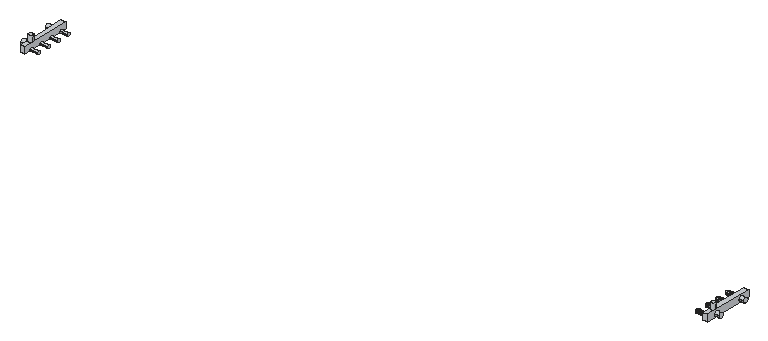
Revit family "INFRA_AQUA_ECO_CONNECTOR_TYPE_1", category Mechanical Equipment, Revit 2015
Parameters (values of type "Type 1 L=4000")
  URL = "http://www.markclimate.co.uk/radiant-heating/water-supplied/infra-aqua-eco/"
  Type_index = 4
  Thickness = 30 mm
  Width = 306 mm
  Pressure_loss = 0.0 psi
  Medium_overtemp_num [instance] = Average_water_temperature °C - Area_temperature °C  # 36
  Manufacturer = "MARK Climate Technology"  # constant formula
  Lookup_table_name [instance] = "Warmteafgiftetabel"  # constant formula
  Length = 4000 mm
  K [instance] = Average_water_temperature °C - Area_temperature °C  # 36
  Height = 40 mm
  Heating_output_num [instance] = size_lookup(Lookup_table_name, "PHR1", 0, Medium_overtemp_num)  # 120
  Heating_output [instance] = Length / 1000 mm * Heating_output_num * 1 W  # 480 W
  Flow = Type_index * 0.04 L/s  # 0.16 L/s
  Drain_point [instance] = yes
  Description = "Connector type 1"  # constant formula
  Average_water_temperature °C [instance] = 54
  Area_temperature °C [instance] = 18
Types (3, lengths in mm): name | Length | Heating_output
  (no name) | 4000 | 480 W
  Type 1 L=4000 | 4000 | 480 W
  Type 1 L=6000 | 6000 | 720 W
Reference planes
  plane 1 "Center (Front/Back)": y = 0
  plane 2: z = 0
  plane 3 "Center (Left/Right)": x = 0
  plane 4: y = 37.5
  plane 5: y = 112.5
  plane 6: y = -37.5
  plane 7: y = -112.5
  plane 8: y = 92.5
  plane 9: y = -92.5
  plane 10: x = 30
  plane 11: y = 153
  plane 12: y = -153
  plane 13: z = 28
  plane 14: z = -12
  plane 15: x = 82.5
  plane 16: x = 4082.5
  plane 17: x = 4135
  plane 18: x = 4165
  plane 19: z = -3.6
Forms (mm)
  Extrusion 1, solid
    sketch origin (12, 0, 0) x (1, 0, 0) y (0, 1, 0)
      loop
        line (-12, 0) -> (-12, -153) -> (18, -153) -> (18, 153) -> (-12, 153) -> (-12, 0)
    from -12 to 28
  Extrusion 2, solid
    sketch origin (0, 0, -23.5) x (0, 1, 0) y (0, 0, 1)
      loop
        circle (112.5, 20) r 7.5
      loop
        circle (37.5, 20) r 7.5
      loop
        circle (-37.5, 20) r 7.5
      loop
        circle (-112.5, 20) r 7.5
    from 30 to 82.5
  Extrusion 3, solid
    sketch origin (0, 0, -12) x (0, 1, 0) y (0, 0, 1)
      loop
        circle (92.5, 20) r 13.5
      loop
        circle (-92.5, 20) r 13.5
    from -32.5 to 0
  Extrusion 4, solid
    sketch origin (582, 0, 0) x (1, 0, 0) y (0, 1, 0)
      loop
        line (3553, 0) -> (3553, -153) -> (3583, -153) -> (3583, 153) -> (3553, 153) -> (3553, 0)
    from -12 to 28
  Extrusion 5, solid
    sketch origin (487.5, 0, -23.5) x (0, 1, 0) y (0, 0, 1)
      loop
        circle (112.5, 20) r 7.5
      loop
        circle (37.5, 20) r 7.5
      loop
        circle (-37.5, 20) r 7.5
      loop
        circle (-112.5, 20) r 7.5
    from 3595 to 3647.5
  Extrusion 6, solid
    sketch origin (696.5, 0, -12) x (0, 1, 0) y (0, 0, 1)
      loop
        circle (92.5, 20) r 13.5
      loop
        circle (-92.5, 20) r 13.5
    from 3468.5 to 3500.5
  Extrusion 7, solid, visible <- "Drain_point"
    sketch origin (0, 0, 0) x (1, 0, 0) y (0, 1, 0)
      loop
        circle (15, -92.536) r 13
    from 28 to 62
  Extrusion 8, solid, visible <- "Drain_point"
    sketch origin (0, 0, 0) x (1, 0, 0) y (0, 1, 0)
      loop
        circle (4150, -92.5) r 13
    from 28 to 62
Dimensions and locks
  "Thickness": plane 3 "Center (Left/Right)" to plane 10
  "Width": plane 11 to plane 12
  equal spacing: plane 11, plane 1 "Center (Front/Back)", plane 12
  "Height": plane 13 to plane 14
  locked: plane 10 to plane 15 at 52.5
  locked: Extrusion 3 to plane 3 "Center (Left/Right)" at 32.5
  locked: plane 16 to plane 17 at 52.5
  "Thickness": plane 17 to plane 18
  locked: Extrusion 4 to Extrusion 6 at 32
  "Length": plane 15 to plane 16
  equal spacing: Extrusion 1, Extrusion 7 sketch curve, Extrusion 1
  locked: Extrusion 7 to Extrusion 4 at 34
  equal spacing: Extrusion 4, Extrusion 8 sketch curve, Extrusion 4
  aligned and locked: level to plane 2
  aligned and locked: Extrusion 1 to plane 3 "Center (Left/Right)"
  aligned and locked: plane 10 to Extrusion 1
  aligned and locked: plane 11 to Extrusion 1
  aligned and locked: Extrusion 1 to plane 12
  aligned and locked: plane 13 to Extrusion 1
  aligned and locked: plane 15 to Extrusion 2
  aligned and locked: Extrusion 2 to plane 10
  aligned and locked: Extrusion 5 to plane 16
  aligned and locked: Extrusion 4 to plane 17
  aligned and locked: plane 18 to Extrusion 4
  aligned and locked: plane 19 to nested 4
  aligned and locked: plane 19 to nested 3
  aligned and locked: plane 19 to nested 2
  aligned and locked: plane 19 to nested 1
  aligned and locked: Extrusion 4 to plane 11
  aligned and locked: plane 12 to Extrusion 4
  aligned and locked: plane 17 to Extrusion 5
  aligned and locked: plane 16 to nested 4
  aligned and locked: plane 16 to Extrusion 5
  aligned and locked: plane 16 to nested 3
  aligned and locked: plane 16 to nested 1
  aligned and locked: plane 16 to nested 2
  aligned and locked: Extrusion 6 to Extrusion 4
  aligned and locked: Extrusion 8 to Extrusion 4
  aligned and locked: Extrusion 7 to Extrusion 1
Automatic sketch dimensions
  plane 1 "Center (Front/Back)" to Extrusion 1 sketch curve = 0 mm
  Extrusion 1 sketch curve to plane 3 "Center (Left/Right)" = 0 mm
  Extrusion 1 sketch curve to plane 10 = 0 mm
  Extrusion 1 sketch curve to plane 12 = 0 mm
  Extrusion 1 sketch curve to plane 11 = 0 mm
  Extrusion 2 sketch curve to plane 7 = 0 mm
  Extrusion 2 sketch curve to plane 6 = 0 mm
  Extrusion 2 sketch curve to plane 4 = 0 mm
  Extrusion 2 sketch curve to plane 5 = 0 mm
  Extrusion 2 sketch curve to level = 3.5 mm  (x4)
  Extrusion 3 sketch curve to plane 9 = 0 mm
  Extrusion 3 sketch curve to plane 8 = 0 mm
  level to Extrusion 3 sketch curve = 8 mm  (x2)
  plane 1 "Center (Front/Back)" to Extrusion 4 sketch curve = 0 mm
  plane 11 to Extrusion 4 sketch curve = 0 mm
  plane 12 to Extrusion 4 sketch curve = 0 mm
  plane 15 to Extrusion 4 sketch curve = 4052.5 mm
  Extrusion 4 sketch curve to Extrusion 4 sketch curve = 30 mm
  Extrusion 6 sketch curve to plane 9 = 0 mm
  Extrusion 6 sketch curve to plane 8 = 0 mm
  level to Extrusion 6 sketch curve = 8 mm  (x2)
  Extrusion 5 sketch curve to plane 7 = 0 mm
  Extrusion 5 sketch curve to plane 6 = 0 mm
  Extrusion 5 sketch curve to plane 4 = 0 mm
  Extrusion 5 sketch curve to plane 5 = 0 mm
  Extrusion 5 sketch curve to level = 3.5 mm  (x4)
  plane 12 to Extrusion 7 sketch curve = 60.464 mm
  plane 7 to Extrusion 8 sketch curve = 20 mm
  radius of Extrusion 2 sketch curve = 7.5 mm  (x4)
  radius of Extrusion 3 sketch curve = 13.5 mm  (x2)
  radius of Extrusion 6 sketch curve = 13.5 mm  (x2)
  radius of Extrusion 5 sketch curve = 7.5 mm  (x4)
  radius of Extrusion 7 sketch curve = 13 mm
  radius of Extrusion 8 sketch curve = 13 mm
Nested families
  nested 1: "NLRS_50_PIF_UN_perskoppeling_MARK" at (4082.5, 112.5, -3.6), type "ø15"
    with artikelnummer "", GTIN_Code "", EAN_code ""
  nested 2: "NLRS_50_PIF_UN_perskoppeling_MARK" at (4082.5, 37.5, -3.6), type "ø15"
    with artikelnummer "", GTIN_Code "", EAN_code ""
  nested 3: "NLRS_50_PIF_UN_perskoppeling_MARK" at (4082.5, -37.5, -3.6), type "ø15"
    with artikelnummer "", GTIN_Code "", EAN_code ""
  nested 4: "NLRS_50_PIF_UN_perskoppeling_MARK" at (4082.5, -112.5, -3.6), type "ø15"
    with artikelnummer "", GTIN_Code "", EAN_code ""
Connectors
  piping at (-32.5, 92.5, 8), diameter 27
    settings: on Extrusion 3, index 1, connector inside diameter 609.6 mm, connector length 0 mm, flow factor 0, pipe flow 0.0 L/s, pressure drop 0.0 psi, fitting loss kfactor 0, connector angle 0.00°, fixture units 0, engagement length 0 mm, angle of deflection 0.00°, flow configuration 0, flow direction 0, fitting loss method 0, system type 7, joint type 0, gender type 0, connector reference index -1, connector utility 0, adjustable connector no, is connector primary yes, connector description ""
  piping at (-32.5, -92.5, 8), diameter 27
    settings: on Extrusion 3, index 2, connector inside diameter 609.6 mm, connector length 0 mm, flow factor 0, pipe flow 0.0 L/s, pressure drop 0.0 psi, fitting loss kfactor 0, connector angle 0.00°, fixture units 0, engagement length 0 mm, angle of deflection 0.00°, flow configuration 0, flow direction 0, fitting loss method 0, system type 7, joint type 0, gender type 0, connector reference index -1, connector utility 0, adjustable connector no, is connector primary no, connector description ""
  piping at (4197, 92.5, 8), diameter 27
    settings: on Extrusion 6, index 3, connector inside diameter 609.6 mm, connector length 0 mm, flow factor 0, pipe flow 0.0 L/s, pressure drop 0.0 psi, fitting loss kfactor 0, connector angle 0.00°, fixture units 0, engagement length 0 mm, angle of deflection 0.00°, flow configuration 0, flow direction 0, fitting loss method 0, system type 8, joint type 0, gender type 0, connector reference index -1, connector utility 0, adjustable connector no, is connector primary no, connector description ""
  piping at (4197, 92.5, 8), diameter 27
    settings: on Extrusion 6, index 4, connector inside diameter 609.6 mm, connector length 0 mm, flow factor 0, pipe flow 0.0 L/s, pressure drop 0.0 psi, fitting loss kfactor 0, connector angle 0.00°, fixture units 0, engagement length 0 mm, angle of deflection 0.00°, flow configuration 0, flow direction 0, fitting loss method 0, system type 8, joint type 0, gender type 0, connector reference index -1, connector utility 0, adjustable connector no, is connector primary no, connector description ""
  piping at (4197, -92.5, 8), diameter 27
    settings: on Extrusion 6, index 5, connector inside diameter 609.6 mm, connector length 0 mm, flow factor 0, pipe flow 0.0 L/s, pressure drop 0.0 psi, fitting loss kfactor 0, connector angle 0.00°, fixture units 0, engagement length 0 mm, angle of deflection 0.00°, flow configuration 0, flow direction 0, fitting loss method 0, system type 7, joint type 0, gender type 0, connector reference index -1, connector utility 0, adjustable connector no, is connector primary no, connector description ""
Definition of nested family "NLRS_50_PIF_UN_perskoppeling_MARK"
  Parameters (values of type "ø15")
    type_index = 0
    Radius = 7.5 mm
    product_serie = ""
    material_index = 0
    Lenght = 30 mm
    artikelnummer [instance] = ""
    Type Comments = ""
    NLRS_C_materiaal = none
    Model = "LOD400"
    Manufacturer = "Mark Climate Technology"  # constant formula
    IfcExportType = "UNION"  # constant formula
    IfcExportAs = "IfcPipeFitting"  # constant formula
    IfcDescription = Description  # "Press connection"
    GTIN_Code [instance] = ""
    EAN_code [instance] = ""
    Description = "Press connection"  # constant formula
    Date_last_modification = ""
  Reference planes
    plane 1 "Center (Front/Back)": y = 0
    plane 2: z = 0
    plane 3 "Center (Left/Right)": x = 0
  Forms (mm)
    Revolve 1, solid, material <- "NLRS_C_materiaal"
      sketch origin (0, 0, 0) x (1, 0, 0) y (0, 1, 0)
        loop
          line (-15, 7.5) -> (15, 7.5) -> (15, 9)
          arc (15, 9) -> (14, 10) -> (13, 9) r 1
          line (13, 9) -> (13, 8) -> (0.5, 8) -> (0.5, 9)
          arc (0.5, 9) -> (0, 9.5) -> (-0.5, 9) r 0.5
          line (-0.5, 9) -> (-0.5, 8) -> (-13, 8) -> (-13, 9)
          arc (-13, 9) -> (-14, 10) -> (-15, 9) r 1
          line (-15, 9) -> (-15, 7.5)
        axis (-15, 0) -> (15, 0)
      angle from 0 to 360
  Text (mm)
    text "®  Itannex" at (-0.074, 40.744, 0), in view "Ref. Level"
  Dimensions and locks
    "Radius": plane 1 "Center (Front/Back)" to Revolve 1 sketch curve
    Revolve 1 sketch curve to Revolve 1 sketch curve = 0.5 mm
    equal spacing: Revolve 1 sketch curve, plane 3 "Center (Left/Right)", Revolve 1 sketch curve
    Revolve 1 sketch curve to Revolve 1 sketch curve = 1.5 mm  (x3)
    "Lenght": Revolve 1 sketch curve to Revolve 1 sketch curve
    aligned and locked: level to plane 2
  Automatic sketch dimensions
    plane 1 "Center (Front/Back)" to Revolve 1 sketch curve = 0 mm
    Revolve 1 sketch curve to plane 3 "Center (Left/Right)" = 0 mm
    Revolve 1 sketch curve to Revolve 1 sketch curve = 1 mm  (x2)
    Revolve 1 sketch curve to plane 3 "Center (Left/Right)" = 0.5 mm
    Revolve 1 sketch curve to Revolve 1 sketch curve = 2 mm
    Revolve 1 sketch curve to Revolve 1 sketch curve = 3.224 mm
    Revolve 1 sketch curve to Revolve 1 sketch curve = 5.775 mm
